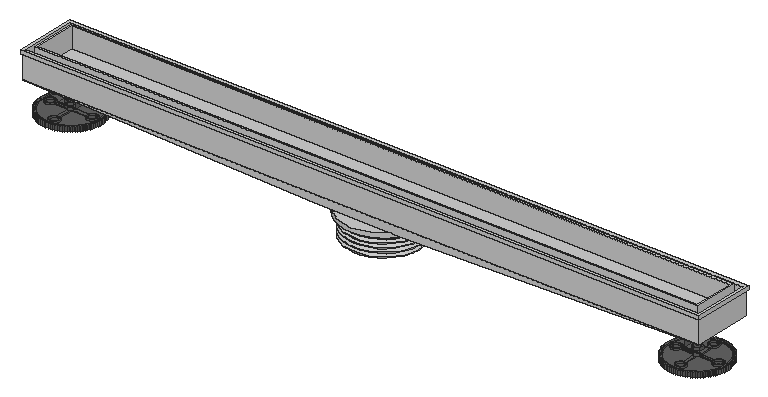
Revit family "C8971-Linear Shower Drain - 32 inch ", category Generic Models, Revit 2022
Family settings
  Can host rebar = No
  Round Connector Dimension = Use Diameter
  Part Type = Normal
  Work Plane-Based = No
  Always vertical = Yes
  Cut with Voids When Loaded = No
  Maintain Annotation Orientation = No
  Shared = No
  Room Calculation Point = No
Parameters (values of type "C8971- 32" linear Shower Drain (Tile-in)")
  Width = 70 mm
  URL = "https://kromedispense.co.in/"
  Model = "C8971"
  Length = 813 mm
  Holder Material = 4
  Gare Material = 3
  Gare Matel Material = 2
  Fram Material = 4
  Default Elevation = 0 mm
Reference planes
  plane 1 "Center (Front/Back)": y = 0
  plane 2: z = 0
  plane 3 "Center (Left/Right)": x = 0
  plane 4: x = -406.5
  plane 5: x = 406.5
  plane 6: y = 35
  plane 7: y = -35
  plane 8 "3": z = 73
  plane 9 "1": z = 31
  plane 10 "2": z = 41
  plane 11: x = -50
  plane 12: x = 50
  plane 13: x = -356.5
  plane 14: x = 356.5
Forms (mm)
  Sweep 1, solid, material "4" <- "Fram Material"
    path origin (0, 0, 73) x (-1, 0, 0) y (0, -1, 0)
      loop
        line (406.5, -35) -> (406.5, 35) -> (-406.5, 35) -> (-406.5, -35) -> (406.5, -35)
    profile origin (-406.5, 0, 73) x (1, 0, 0) y (0, 0, 1)
      loop
        line (-2, 0) -> (-2, -4) -> (0, -4) -> (0, -32) -> (2, -32) -> (2, 0) -> (-2, 0)
  Extrusion 2, solid, material "4" <- "Fram Material"
    sketch origin (0, 0, 0) x (1, 0, 0) y (0, 0, 1)
      loop
        line (-406.5, 41) -> (-50, 31) -> (50, 31) -> (406.5, 41) -> (-406.5, 41)
    from -35 to 35
  Extrusion 3, solid, material "2"
    sketch origin (-406.5, 0, 41) x (1, 0, 0) y (0, 1, 0)
      loop
        line (2, 33) -> (2, -33) -> (811, -33) -> (811, 33) -> (2, 33)
    from 0 to 1
  Sweep 4, solid, material "4" <- "Fram Material"
    path origin (-408.5, 37, 73) x (0, -1, 0) y (1, 0, 0)
      loop
        line (70, 4) -> (70, 813) -> (4, 813) -> (4, 4) -> (70, 4)
    profile origin (0, -33, 73) x (0, 1, 0) y (0, 0, 1)
      loop
        line (8, 3) -> (6, 3) -> (6, -31) -> (8, -31) -> (8, 3)
  Extrusion 5, solid, material "4" <- "Fram Material"
    sketch origin (-406.5, 0, 42) x (1, 0, 0) y (0, 1, 0)
      loop
        line (10, 25) -> (10, -25) -> (803, -25) -> (803, 25) -> (10, 25)
    from 0 to 10
Dimensions and locks
  equal spacing: plane 4, plane 3 "Center (Left/Right)", plane 5
  "Length": plane 4 to plane 5
  equal spacing: plane 6, plane 1 "Center (Front/Back)", plane 7
  "Width": plane 6 to plane 7
  plane 8 "3" to plane 2 = 73 mm
  equal spacing: plane 11, plane 3 "Center (Left/Right)", plane 12, locked at 50 each
  locked: plane 4 to plane 13 at 50
  locked: plane 14 to plane 5 at 50
  aligned and locked: level to plane 2
  aligned and locked: plane 1 "Center (Front/Back)" to nested 1
  aligned and locked: plane 3 "Center (Left/Right)" to nested 1
  aligned and locked: plane 1 "Center (Front/Back)" to nested 2
  aligned and locked: nested 3 to plane 1 "Center (Front/Back)"
  aligned and locked: plane 4 to Extrusion 2 sketch curve
  aligned and locked: plane 10 "2" to Extrusion 2 sketch curve  (x2)
  aligned and locked: plane 5 to Extrusion 2 sketch curve
  aligned and locked: plane 6 to Extrusion 2
  aligned and locked: plane 7 to Extrusion 2
  aligned and locked: Extrusion 3 sketch curve to Sweep 1  (x4)
  aligned and locked: plane 6 to Sweep 1 sketch curve
  aligned and locked: Sweep 1 sketch curve to plane 4
  aligned and locked: plane 7 to Sweep 1 sketch curve
  aligned and locked: Sweep 1 sketch curve to plane 5
  aligned and locked: Sweep 4 sketch curve to Sweep 1  (x4)
  aligned and locked: nested 2 to plane 13
  aligned and locked: plane 14 to nested 3
Automatic sketch dimensions
  Sweep 1 sketch curve to plane 8 "3" = 0 mm
  profile plane to Sweep 1 sketch curve = 0 mm
  profile plane to Sweep 1 sketch curve = 2 mm
  Sweep 1 sketch curve to Sweep 1 sketch curve = 2 mm
  Sweep 1 sketch curve to plane 8 "3" = 4 mm
  Sweep 1 sketch curve to Sweep 1 sketch curve = 28 mm
  Extrusion 2 sketch curve to plane 9 "1" = 0 mm
  Extrusion 2 sketch curve to plane 11 = 0 mm
  plane 12 to Extrusion 2 sketch curve = 0 mm
  Sweep 4 sketch curve to Sweep 4 sketch curve = 2 mm
  Sweep 4 sketch curve to profile plane = 6 mm
  profile plane to Sweep 4 sketch curve = 3 mm
  Sweep 4 sketch curve to profile plane = 31 mm
  Extrusion 5 sketch curve to Extrusion 3 = 8 mm  (x4)
Nested families
  nested 1: "Holder" at (0, 0, 0), type "Holder"
  nested 2: "Gare" at (-376.9, 0, 0), type "Gare"
  nested 3: "Gare" at (376.9, 0, 0) x (-1, 0, 0) z (0, 0, 1), type "Gare"
Definition of nested family "Holder"
  Parameters (values of type "Holder")
    Gare = none
    Default Elevation = 0 mm
  Reference planes
    plane 1 "Center (Front/Back)": y = 0
    plane 2: z = 0
    plane 3 "Center (Left/Right)": x = 0
    plane 4: x = -50
    plane 5: x = 50
    plane 6: y = 50
    plane 7: y = -50
    plane 8: z = 31
  Forms (mm)
    Revolve 1, solid, material <- "Gare"
      sketch origin (0, 0, 0) x (1, 0, 0) y (0, 0, 1)
        loop
          line (0, 31) -> (0, 0) -> (42.5, 0) -> (45, 2.5) -> (42.5, 5) -> (45, 7.5) -> (42.5, 10) -> (45, 12.5) -> (42.5, 15) -> (45, 17.5) -> (42.5, 20) -> (45, 22.5) -> (42.5, 25) -> (43.5, 26) -> (50, 26) -> (50, 31) -> (0, 31)
        axis (0, 0) -> (0, 31)
      angle from 0 to 360
  Dimensions and locks
    aligned and locked: level to plane 2
Definition of nested family "Gare"
  Parameters (values of type "Gare")
    Matel = none
    Gare = none
    Default Elevation = 0 mm
  Reference planes
    plane 1 "Center (Front/Back)": y = 0
    plane 2: z = 0
    plane 3 "Center (Left/Right)": x = 0
    plane 4: x = -36.5
    plane 5: x = 36.5
    plane 6: y = 36.5
    plane 7: y = -36.5
    plane 8: z = 41
    plane 9: z = 6
    plane 10: z = 11.5
    plane 11: z = 31
    plane 12: x = 20.4
  Forms (mm)
    Extrusion 1, solid, material <- "Gare"
      sketch origin (0, 0, 0) x (1, 0, 0) y (0, 1, 0)
        loop
          line (-36.5, 0) -> (-34.614, -1.089) -> (-36.428, -2.294) -> (-34.339, -3.331) -> (-36.19, -4.75) -> (-34.035, -5.643) -> (-35.786, -7.184) -> (-33.576, -7.93) -> (-35.219, -9.586) -> (-32.964, -10.18) -> (-34.491, -11.943) -> (-32.201, -12.384) -> (-33.605, -14.246) -> (-31.29, -14.531) -> (-32.566, -16.484) -> (-30.237, -16.612) -> (-31.378, -18.646) -> (-29.046, -18.617) -> (-30.046, -20.724) -> (-27.722, -20.537) -> (-28.578, -22.706) -> (-26.271, -22.363) -> (-26.978, -24.585) -> (-24.7, -24.087) -> (-25.256, -26.352) -> (-23.016, -25.7) -> (-23.418, -27.998) -> (-21.227, -27.196) -> (-21.473, -29.516) -> (-19.341, -28.568) -> (-19.429, -30.899) -> (-17.367, -29.81) -> (-17.298, -32.141) -> (-15.314, -30.915) -> (-15.087, -33.236) -> (-13.19, -31.879) -> (-12.807, -34.18) -> (-11.006, -32.697) -> (-10.468, -34.967) -> (-8.772, -33.366) -> (-8.082, -35.594) -> (-6.498, -33.883) -> (-5.659, -36.059) -> (-4.194, -34.244) -> (-3.21, -36.359) -> (-1.87, -34.449) -> (-0.746, -36.492) -> (0.461, -34.497) -> (1.721, -36.459) -> (2.791, -34.387) -> (4.181, -36.26) -> (5.108, -34.12) -> (6.621, -35.895) -> (7.401, -33.697) -> (9.031, -35.365) -> (9.661, -33.12) -> (11.399, -34.674) -> (11.876, -32.391) -> (13.716, -33.825) -> (14.037, -31.515) -> (15.97, -32.821) -> (16.135, -30.495) -> (18.151, -31.667) -> (18.158, -29.335) -> (20.249, -30.368) -> (20.098, -28.041) -> (22.254, -28.931) -> (21.947, -26.619) -> (24.158, -27.362) -> (23.695, -25.076) -> (25.951, -25.667) -> (25.335, -23.418) -> (27.626, -23.855) -> (26.859, -21.652) -> (29.174, -21.934) -> (28.261, -19.788) -> (30.59, -19.913) -> (29.533, -17.834) -> (31.865, -17.801) -> (30.671, -15.798) -> (32.995, -15.607) -> (31.668, -13.69) -> (33.974, -13.342) -> (32.52, -11.519) -> (34.798, -11.017) -> (33.224, -9.295) -> (35.463, -8.641) -> (33.776, -7.03) -> (35.965, -6.225) -> (34.174, -4.732) -> (36.304, -3.781) -> (34.416, -2.412) -> (36.476, -1.32) -> (34.5, -0.081) -> (36.482, 1.148) -> (34.427, 2.25) -> (36.321, 3.61) -> (34.196, 4.57) -> (35.994, 6.055) -> (33.809, 6.87) -> (35.503, 8.473) -> (33.268, 9.139) -> (34.849, 10.853) -> (32.574, 11.365) -> (34.036, 13.182) -> (31.732, 13.54) -> (33.068, 15.452) -> (30.745, 15.653) -> (31.949, 17.65) -> (29.617, 17.694) -> (30.683, 19.769) -> (28.354, 19.655) -> (29.277, 21.796) -> (26.961, 21.526) -> (27.738, 23.725) -> (25.445, 23.298) -> (26.072, 25.544) -> (23.813, 24.964) -> (24.286, 27.247) -> (22.072, 26.516) -> (22.39, 28.826) -> (20.23, 27.946) -> (20.391, 30.273) -> (18.296, 29.249) -> (18.3, 31.581) -> (16.278, 30.418) -> (16.124, 32.745) -> (14.186, 31.449) -> (13.875, 33.76) -> (12.029, 32.335) -> (11.563, 34.62) -> (9.817, 33.074) -> (9.197, 35.322) -> (7.56, 33.662) -> (6.79, 35.863) -> (5.268, 34.095) -> (4.351, 36.24) -> (2.953, 34.373) -> (1.893, 36.451) -> (0.624, 34.494) -> (-0.574, 36.495) -> (-1.708, 34.458) -> (-3.038, 36.373) -> (-4.032, 34.264) -> (-5.489, 36.085) -> (-6.338, 33.913) -> (-7.914, 35.632) -> (-8.615, 33.407) -> (-10.303, 35.016) -> (-10.852, 32.749) -> (-12.645, 34.239) -> (-13.04, 31.941) -> (-14.93, 33.307) -> (-15.168, 30.987) -> (-17.146, 32.222) -> (-17.227, 29.891) -> (-19.284, 30.99) -> (-19.207, 28.659) -> (-21.333, 29.617) -> (-21.099, 27.296) -> (-23.285, 28.108) -> (-22.895, 25.808) -> (-25.131, 26.47) -> (-24.586, 24.203) -> (-26.862, 24.712) -> (-26.165, 22.486) -> (-28.47, 22.841) -> (-27.625, 20.667) -> (-29.948, 20.865) -> (-28.958, 18.754) -> (-31.29, 18.794) -> (-30.159, 16.754) -> (-32.488, 16.637) -> (-31.222, 14.679) -> (-33.538, 14.404) -> (-32.142, 12.536) -> (-34.434, 12.105) -> (-32.915, 10.336) -> (-35.173, 9.751) -> (-33.539, 8.088) -> (-35.752, 7.353) -> (-34.008, 5.804) -> (-36.167, 4.921) -> (-34.323, 3.493) -> (-36.417, 2.466) -> (-34.48, 1.166) -> (-36.5, 0)
        loop
          circle (0, 0) r 33.5
      from 0 to 5
    Extrusion 2, solid, material <- "Gare"
      sketch origin (0, 0, 0) x (1, 0, 0) y (0, 1, 0)
        loop
          circle (0, 0) r 33.5
        loop
          circle (-25.159, 0) r 5
        loop
          circle (0, 25.159) r 5
        loop
          circle (0, -25.159) r 5
        loop
          circle (25.159, 0) r 5
      from 1 to 4
    Extrusion 3, solid, material <- "Gare"
      sketch origin (0, 0, 4) x (1, 0, 0) y (0, 1, 0)
        loop
          circle (-25.159, 0) r 5
        loop
          circle (0, 25.159) r 5
        loop
          circle (0, -25.159) r 5
        loop
          circle (25.159, 0) r 5
        loop
          arc (-19.35, 1.5) -> (-25.915, 5.952) -> (-31.159, 0) r 6
          arc (-31.159, 0) -> (-25.915, -5.952) -> (-19.35, -1.5) r 6
          line (-19.35, -1.5) -> (-1.5, -1.5) -> (-1.5, -19.35)
          arc (-1.5, -19.35) -> (-5.952, -25.915) -> (0, -31.159) r 6
          arc (0, -31.159) -> (5.952, -25.915) -> (1.5, -19.35) r 6
          line (1.5, -19.35) -> (1.5, -1.5) -> (19.35, -1.5)
          arc (19.35, -1.5) -> (25.915, -5.952) -> (31.159, 0) r 6
          arc (31.159, 0) -> (25.915, 5.952) -> (19.35, 1.5) r 6
          line (19.35, 1.5) -> (1.5, 1.5) -> (1.5, 19.35)
          arc (1.5, 19.35) -> (5.952, 25.915) -> (0, 31.159) r 6
          arc (0, 31.159) -> (-5.952, 25.915) -> (-1.5, 19.35) r 6
          line (-1.5, 19.35) -> (-1.5, 1.5) -> (-19.35, 1.5)
      from 0 to 1
    Extrusion 4, solid, material <- "Gare"
      sketch origin (0, 0, 0.5) x (0, -1, 0) y (-1, 0, 0)
        loop
          circle (0, 25.159) r 5
        loop
          circle (-25.159, 0) r 5
        loop
          circle (25.159, 0) r 5
        loop
          circle (0, -25.159) r 5
        loop
          line (-1.5, 19.35) -> (-1.5, 1.5) -> (-19.35, 1.5)
          arc (-19.35, 1.5) -> (-25.915, 5.952) -> (-31.159, 0) r 6
          arc (-31.159, 0) -> (-25.915, -5.952) -> (-19.35, -1.5) r 6
          line (-19.35, -1.5) -> (-1.5, -1.5) -> (-1.5, -19.35)
          arc (-1.5, -19.35) -> (-5.952, -25.915) -> (0, -31.159) r 6
          arc (0, -31.159) -> (5.952, -25.915) -> (1.5, -19.35) r 6
          line (1.5, -19.35) -> (1.5, -1.5) -> (19.35, -1.5)
          arc (19.35, -1.5) -> (25.915, -5.952) -> (31.159, 0) r 6
          arc (31.159, 0) -> (25.915, 5.952) -> (19.35, 1.5) r 6
          line (19.35, 1.5) -> (1.5, 1.5) -> (1.5, 19.35)
          arc (1.5, 19.35) -> (5.952, 25.915) -> (0, 31.159) r 6
          arc (0, 31.159) -> (-5.952, 25.915) -> (-1.5, 19.35) r 6
      from -0.5 to 0.5
    Extrusion 5, solid, material <- "Matel"
      sketch origin (-2411.137, -1524, 6) x (-1, 0, 0) y (0, -1, 0)
        loop
          line (-2416.137, -1526.887) -> (-2411.137, -1529.774) -> (-2406.137, -1526.887) -> (-2406.137, -1521.113) -> (-2411.137, -1518.226) -> (-2416.137, -1521.113) -> (-2416.137, -1526.887)
      from 0 to 3
    Extrusion 6, solid, material <- "Matel"
      sketch origin (0, 0, 5) x (1, 0, 0) y (0, 1, 0)
        loop
          circle (0, 0) r 3.5
      from 0 to 12.455
    Extrusion 7, solid, material <- "Matel"
      sketch origin (-2411.137, -1524, 11.5) x (-1, 0, 0) y (0, -1, 0)
        loop
          line (-2416.137, -1526.887) -> (-2411.137, -1529.774) -> (-2406.137, -1526.887) -> (-2406.137, -1521.113) -> (-2411.137, -1518.226) -> (-2416.137, -1521.113) -> (-2416.137, -1526.887)
      from 0 to 3
    Extrusion 8, solid, material <- "Matel"
      sketch origin (0, 0, 0) x (1, 0, 0) y (0, 0, 1)
        loop
          line (-10, 11.5) -> (-10, 10.7) -> (10.8, 10.7) -> (10.8, 40.2) -> (30, 40.2) -> (30, 41) -> (10, 41) -> (10, 11.5) -> (-10, 11.5)
      from -6 to 6
    Revolve 9, solid, material <- "Matel"
      sketch origin (0, 0, 0) x (1, 0, 0) y (0, 0, 1)
        loop
          line (20.4, 40.2) -> (20.4, 30.2) -> (23.351, 30.2)
          arc (23.351, 30.2) -> (23.06, 33.952) -> (23.4, 37.7) r 22.425
          line (23.4, 37.7) -> (23.4, 40.2) -> (20.4, 40.2)
        axis (20.4, 30.2) -> (20.4, 40.2)
      angle from 0 to 360
  Cuts and joins
    joined: Extrusion 1, Extrusion 2, Extrusion 3, Extrusion 4
  Dimensions and locks
    plane 11 to level = 31 mm
    plane 8 to level = 41 mm
    aligned and locked: level to plane 2
